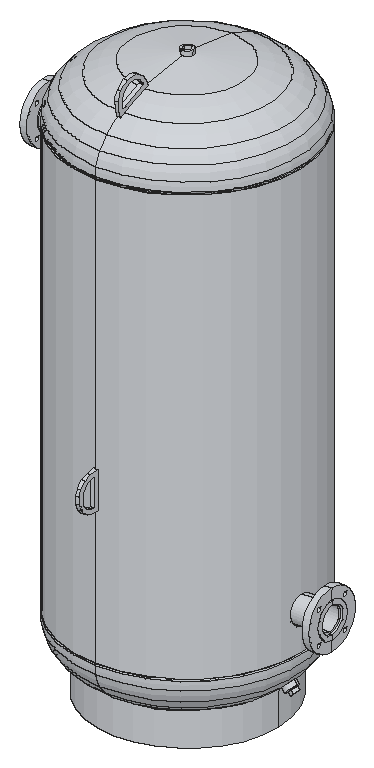
Revit family "HBT-210-3", category Generic Models, Revit 2014
Parameters (values of type "HBT-210-3")
  URL = "http://westank.com/"
  Tank Volume = 210 gal
  Model = "HBT-210-3"
  Maximum Shipping Weight = 458 lbf
  Flange Connector Diameter = 3"
  F = 24"
  E = 15"
  Description = "Wessels ASME 2-Port Hot Water Buffer Tanks (HBT) are designed for use with today’s high efficiency systems that incorporate small modular low-mass boiler."
  D = 13 1/2"
  C = 38"
  B = 75"
  A = 30"
Reference planes (in)
  plane 1 "Center (Front/Back)": y = 0
  plane 2: z = 0
  plane 3 "Center (Left/Right)": x = 0
  plane 4: through (12.55282, -180, 5.24135) normal (0.8192, 0, -0.5736)
  plane 5: x = -15
  plane 6: x = 15
  plane 7: z = 0
  plane 8: y = 15
  plane 9: y = -15
  plane 10: x = -12
  plane 11: x = 12
  plane 12: z = 75
  plane 13: x = -19
  plane 14: x = 19
  plane 15: z = 15
  plane 16: z = 61.5
Forms (in)
  Revolve 1, solid
    sketch origin (0, -0.02461, 0) x (0, 1, 0) y (0, 0, 1)
      loop
        line (-14.97539, 9.87397) -> (-14.812, 9.87397)
        arc (-14.812, 9.87397) -> (-14.83596, 9.78454) -> (-14.90143, 9.71907) r 0.17887
        arc (-14.90143, 9.71907) -> (-14.94991, 9.64836) -> (-14.97579, 9.56662) r 0.29232
        arc (-14.97579, 9.56662) -> (-14.96586, 8.98455) -> (-14.89468, 8.40676) r 5.51955
        arc (-14.89468, 8.40676) -> (-14.65184, 7.56116) -> (-14.23912, 6.78419) r 4.22443
        arc (-14.23912, 6.78419) -> (-13.71208, 6.0842) -> (-13.11424, 5.44361) r 8.30764
        arc (-13.11424, 5.44361) -> (-11.99363, 4.5369) -> (-10.73315, 3.83755) r 8.30764
        arc (-10.73315, 3.83755) -> (-9.02248, 3.06195) -> (-7.23223, 2.49367) r 15.88746
        arc (-7.23223, 2.49367) -> (-3.63165, 1.79117) -> (0.02461, 1.49214) r 33.04234
        line (0.02461, 1.49214) -> (0.02461, 1.66407)
        arc (0.02461, 1.66407) -> (-3.61037, 1.96174) -> (-7.19, 2.66027) r 32.87047
        arc (-7.19, 2.66027) -> (-8.96351, 3.22342) -> (-10.65802, 3.99223) r 15.71558
        arc (-10.65802, 3.99223) -> (-11.8952, 4.67783) -> (-12.99495, 5.56734) r 8.13577
        arc (-12.99495, 5.56734) -> (-13.58042, 6.19468) -> (-14.09655, 6.88019) r 8.13577
        arc (-14.09655, 6.88019) -> (-14.49248, 7.62554) -> (-14.72544, 8.43674) r 4.05256
        arc (-14.72544, 8.43674) -> (-14.79395, 8.9901) -> (-14.80447, 9.54759) r 5.34767
        arc (-14.80447, 9.54759) -> (-14.7971, 9.56945) -> (-14.78569, 9.5895) r 0.12044
        arc (-14.78569, 9.5895) -> (-14.67439, 9.72277) -> (-14.64064, 9.89308) r 0.35074
        line (-14.64064, 9.89308) -> (-14.84715, 9.89308) -> (-14.84715, 66.61189) -> (-14.64151, 66.61189)
        arc (-14.64151, 66.61189) -> (-14.67184, 66.78882) -> (-14.78573, 66.92758) r 0.35074
        arc (-14.78573, 66.92758) -> (-14.79712, 66.94763) -> (-14.80449, 66.96948) r 0.12045
        arc (-14.80449, 66.96948) -> (-14.79397, 67.52697) -> (-14.72546, 68.08033) r 5.34768
        arc (-14.72546, 68.08033) -> (-14.4925, 68.89153) -> (-14.09657, 69.63689) r 4.05257
        arc (-14.09657, 69.63689) -> (-13.58043, 70.3224) -> (-12.99497, 70.94973) r 8.13578
        arc (-12.99497, 70.94973) -> (-11.89524, 71.83924) -> (-10.65807, 72.52483) r 8.13578
        arc (-10.65807, 72.52483) -> (-8.96355, 73.29364) -> (-7.19005, 73.85678) r 15.71558
        arc (-7.19005, 73.85678) -> (-3.61055, 74.55529) -> (0.02429, 74.85297) r 32.87045
        line (0.02429, 74.85297) -> (0.02429, 75.02671)
        arc (0.02429, 75.02671) -> (-3.63245, 74.72766) -> (-7.2335, 74.02507) r 33.04334
        arc (-7.2335, 74.02507) -> (-9.02402, 73.45667) -> (-10.73493, 72.68092) r 15.88853
        arc (-10.73493, 72.68092) -> (-11.99625, 71.98117) -> (-13.11754, 71.07383) r 8.30893
        arc (-13.11754, 71.07383) -> (-13.7162, 70.43239) -> (-14.24389, 69.7314) r 8.30923
        arc (-14.24389, 69.7314) -> (-14.65697, 68.95395) -> (-14.90005, 68.1078) r 4.22701
        arc (-14.90005, 68.1078) -> (-14.97148, 67.52727) -> (-14.98111, 66.94244) r 5.52257
        arc (-14.98111, 66.94244) -> (-14.95423, 66.85606) -> (-14.90267, 66.78173) r 0.29803
        arc (-14.90267, 66.78173) -> (-14.837, 66.7147) -> (-14.81302, 66.62397) r 0.18362
        line (-14.81302, 66.62397) -> (-14.97539, 66.62397) -> (-14.97539, 9.87397)
      axis (0.02461, 1.49214) -> (0.02461, 75.02671)
    angle from 0 to 360
  Revolve 2, solid
    sketch origin (0.00085, 0, 46.99877) x (-1, 0, 0) y (0, 0, 1)
      loop
        line (17.81367, 12.75376) -> (17.81367, 12.37446) -> (18.06367, 12.37446) -> (18.06367, 10.7502) -> (18.9375, 10.7502) -> (18.9375, 12.18553) -> (19, 12.18553) -> (19, 12.75376) -> (17.81367, 12.75376)
      axis (19, 14.50013) -> (17.81367, 14.50013)
    angle from 0 to 360
  Revolve 3, solid
    sketch origin (-1.82085, 0, 2.88409) x (0.981353, 0, -0.192215) y (0.192215, 0, 0.981353)
      loop
        line (14.71753, 6.11956) -> (14.66586, 6.1556) -> (14.25436, 5.56561) -> (14.86992, 5.13627) -> (15.24588, 5.6753) -> (15.19462, 5.71106) -> (15.31904, 5.88945) -> (14.80641, 6.24699) -> (14.71753, 6.11956)
      axis (14.25436, 5.56561) -> (14.86992, 5.13627)
    angle from 0 to 360
  Extrusion 4, solid
    sketch origin (13.38203, -180, 6.13049) x (0.718765, 0, 0.695254) y (0, -1, 0)
      loop
        line (-0.16036, -179.52645) -> (-0.95521, -179.68698) -> (-0.79485, -180.48095) -> (0, -180.32042) -> (-0.16036, -179.52645)
    from 1.02698 to 1.52678
  Extrusion 5, solid
    sketch origin (0, -3.06035, 6.47257) x (0, 1, 0) y (0, 0, 1)
      loop
        line (-11.93439, 21.33067) -> (-11.93439, 26.202)
        arc (-11.93439, 26.202) -> (-12.47846, 26.15164) -> (-13.01533, 26.05008) r 5.77422
        arc (-13.01533, 26.05008) -> (-13.49297, 25.89754) -> (-13.94252, 25.67548) r 3.35288
        arc (-13.94252, 25.67548) -> (-14.34081, 25.36666) -> (-14.64962, 24.96837) r 2.0073
        arc (-14.64962, 24.96837) -> (-14.80343, 24.58932) -> (-14.88788, 24.18906) r 2.30742
        arc (-14.88788, 24.18906) -> (-14.91277, 23.77188) -> (-14.88788, 23.3547) r 3.50846
        arc (-14.88788, 23.3547) -> (-14.79412, 22.92876) -> (-14.61961, 22.52904) r 2.24053
        arc (-14.61961, 22.52904) -> (-14.27401, 22.08806) -> (-13.80999, 21.77406) r 1.8078
        arc (-13.80999, 21.77406) -> (-13.34321, 21.55591) -> (-12.84107, 21.44044) r 2.44481
        arc (-12.84107, 21.44044) -> (-12.39043, 21.36326) -> (-11.93439, 21.33067) r 4.65484
      loop
        arc (-12.44611, 25.63929) -> (-12.67227, 25.60073) -> (-12.89654, 25.55235) r 5.2625
        arc (-12.89654, 25.55235) -> (-13.30128, 25.42308) -> (-13.68221, 25.23491) r 2.84116
        arc (-13.68221, 25.23491) -> (-13.97364, 25.01013) -> (-14.20134, 24.72098) r 1.49558
        arc (-14.20134, 24.72098) -> (-14.3163, 24.43235) -> (-14.37979, 24.12821) r 1.7957
        arc (-14.37979, 24.12821) -> (-14.40106, 23.77188) -> (-14.37979, 23.41555) r 2.99674
        arc (-14.37979, 23.41555) -> (-14.30745, 23.08689) -> (-14.17279, 22.77846) r 1.72881
        arc (-14.17279, 22.77846) -> (-13.91552, 22.45353) -> (-13.56884, 22.22643) r 1.29608
        arc (-13.56884, 22.22643) -> (-13.1779, 22.0402) -> (-12.75531, 21.94566) r 1.9331
        arc (-12.75531, 21.94566) -> (-12.60126, 21.91347) -> (-12.44611, 21.88716) r 4.14312
        line (-12.44611, 21.88716) -> (-12.44611, 25.63929)
    from -0.24366 to 0.25634
  Extrusion 6, solid
    sketch origin (0, -26.96034, 53.89612) x (0, 0.366501, -0.930418) y (0, 0.930418, 0.366501)
      loop
        arc (-12.0461, 25.71684) -> (-12.27227, 25.67827) -> (-12.49653, 25.62989) r 5.2625
        arc (-12.49653, 25.62989) -> (-12.90127, 25.50063) -> (-13.28221, 25.31246) r 2.84116
        arc (-13.28221, 25.31246) -> (-13.57363, 25.08767) -> (-13.80134, 24.79853) r 1.49558
        arc (-13.80134, 24.79853) -> (-13.9163, 24.50989) -> (-13.97979, 24.20576) r 1.7957
        arc (-13.97979, 24.20576) -> (-14.00105, 23.84943) -> (-13.97979, 23.4931) r 2.99674
        arc (-13.97979, 23.4931) -> (-13.90744, 23.16443) -> (-13.77279, 22.85601) r 1.72881
        arc (-13.77279, 22.85601) -> (-13.51552, 22.53108) -> (-13.16884, 22.30397) r 1.29608
        arc (-13.16884, 22.30397) -> (-12.77789, 22.11774) -> (-12.35531, 22.02321) r 1.9331
        arc (-12.35531, 22.02321) -> (-12.20126, 21.99102) -> (-12.0461, 21.9647) r 4.14312
        line (-12.0461, 21.9647) -> (-12.0461, 25.71684)
      loop
        line (-11.37993, 21.3894) -> (-11.37993, 26.23636)
        arc (-11.37993, 26.23636) -> (-12.28052, 26.20728) -> (-13.14349, 25.94808) r 3.48194
        arc (-13.14349, 25.94808) -> (-13.66357, 25.64991) -> (-14.11481, 25.25524) r 3.03185
        arc (-14.11481, 25.25524) -> (-14.39878, 24.60234) -> (-14.51622, 23.90011) r 2.91879
        arc (-14.51622, 23.90011) -> (-14.4511, 23.22451) -> (-14.20241, 22.59298) r 2.44012
        arc (-14.20241, 22.59298) -> (-13.8323, 22.13222) -> (-13.33474, 21.8133) r 1.83162
        arc (-13.33474, 21.8133) -> (-12.378, 21.50604) -> (-11.37993, 21.3894) r 5.1769
    from -0.24366 to 0.25634
  Extrusion 7, solid
    sketch origin (0, 0, 3) x (1, 0, 0) y (0, 1, 0)
      loop
        circle (0, 0) r 0.75
      loop
        circle (0, 0) r 0.5
    from 71.36613 to 72.49354
  Extrusion 8, void
    sketch origin (0.00085, 0.13917, 47.41628) x (0, 1, 0) y (0, 0, -1)
      loop
        circle (1.95902, -16.21103) r 0.37532
      loop
        circle (2.0068, -11.95417) r 0.37532
      loop
        circle (-2.26242, -16.18597) r 0.37532
      loop
        circle (-2.23501, -11.97923) r 0.37532
    from 15.80097 to 20.25
  Extrusion 9, void
    sketch origin (0, 0, 0) x (1, 0, 0) y (0, 1, 0)
      loop
        circle (0, 0) r 0.5
    from 73.75623 to 76.19224
  Revolve 10, solid
    sketch origin (0, 0, 0) x (1, 0, 0) y (0, 0, 1)
      loop
        line (11.87609, 4.44941) -> (11.87609, 0) -> (12, 0) -> (12, 4.44941) -> (11.87609, 4.44941)
      axis (0, 4.44941) -> (0, 0)
    angle from 0 to 360
  Revolve 11, solid
    sketch origin (0.00085, 0, 46.99877) x (1, 0, 0) y (0, 0, 1)
      loop
        line (-14.37585, 12.96677) -> (-18.625, 12.96677) -> (-18.625, 12.74998) -> (-14.37585, 12.74998) -> (-14.37585, 12.96677)
      axis (-18.625, 14.50013) -> (-14.37585, 14.50013)
    angle from 0 to 360
  Extrusion 12, void
    sketch origin (0, 0, 0.25) x (0, 1, 0) y (0, 0, 1)
      loop
        circle (0, 14.25) r 1.53336
    from 10.01641 to 18.76515
  Revolve 13, solid
    sketch origin (0, 0, 0.49987) x (1, 0, 0) y (0, 0, 1)
      loop
        line (17.81367, 12.75376) -> (17.81367, 12.37446) -> (18.06367, 12.37446) -> (18.06367, 10.7502) -> (18.9375, 10.7502) -> (18.9375, 12.18553) -> (19, 12.18553) -> (19, 12.75376) -> (17.81367, 12.75376)
      axis (19, 14.50013) -> (17.81367, 14.50013)
    angle from 0 to 360
  Revolve 14, solid
    sketch origin (0, 0, 0.49987) x (-1, 0, 0) y (0, 0, 1)
      loop
        line (-14.37585, 12.96677) -> (-18.625, 12.96677) -> (-18.625, 12.74998) -> (-14.37585, 12.74998) -> (-14.37585, 12.96677)
      axis (-18.625, 14.50013) -> (-14.37585, 14.50013)
    angle from 0 to 360
  Extrusion 15, void
    sketch origin (0, 0, 0) x (0, 1, 0) y (0, 0, 1)
      loop
        circle (2.1264, 17.13304) r 0.37541
      loop
        circle (-2.14004, 17.13188) r 0.37062
      loop
        circle (-2.1373, 12.88615) r 0.35809
      loop
        circle (2.11492, 12.89404) r 0.36553
    from 14.37585 to 21.46755
Cuts and joins
  joined: Extrusion 4, Extrusion 5, Extrusion 6, Extrusion 7, Revolve 10
  Extrusion 9, Extrusion 12 cuts Revolve 1
  Extrusion 8 cuts Revolve 2
  Extrusion 15 cuts Revolve 13
Dimensions and locks (in)
  equal spacing: plane 6, plane 3 "Center (Left/Right)", plane 5
  equal spacing: plane 8, plane 1 "Center (Front/Back)", plane 9
  "A": plane 8 to plane 9
  equal spacing: plane 11, plane 3 "Center (Left/Right)", plane 10
  "A": plane 6 to plane 5
  "F": plane 11 to plane 10
  "C": plane 14 to plane 13
  equal spacing: plane 14, plane 3 "Center (Left/Right)", plane 13
  "E": plane 15 to plane 7
  "D": plane 12 to plane 16
  "B": plane 12 to plane 7
  aligned and locked: plane 2 to level
  aligned and locked: Revolve 10 sketch curve to plane 3 "Center (Left/Right)"
Automatic sketch dimensions
  Revolve 1 sketch curve to Revolve 1 sketch curve = 0"  (x39)
  Revolve 1 sketch curve to plane 9 = 0"
  Revolve 1 sketch curve to plane 1 "Center (Front/Back)" = 0"  (x2)
  Revolve 1 sketch curve to Revolve 1 sketch curve = 0.01547"
  plane 9 to Revolve 1 sketch curve = 0.01547"
  Revolve 1 sketch curve to Revolve 1 sketch curve = 0.00578"
  Revolve 1 sketch curve to plane 9 = 0.12824"
  Revolve 1 sketch curve to Revolve 1 sketch curve = 0.03413"
  Revolve 1 sketch curve to Revolve 1 sketch curve = 9/256"
  Revolve 1 sketch curve to plane 9 = 0.28821"
  Revolve 1 sketch curve to plane 9 = 0.28822"
  Revolve 1 sketch curve to Revolve 1 sketch curve = 0.00078"
  Revolve 1 sketch curve to Revolve 1 sketch curve = 0.17151"
  Revolve 1 sketch curve to Revolve 1 sketch curve = 0.17135"
  Revolve 1 sketch curve to Revolve 1 sketch curve = 3.94929"
  Revolve 1 sketch curve to Revolve 1 sketch curve = 0.00287"
  Revolve 1 sketch curve to Revolve 1 sketch curve = 3.95216"
  Revolve 1 sketch curve to Revolve 1 sketch curve = 1.2728"
  Revolve 1 sketch curve to Revolve 1 sketch curve = 0.00246"
  Revolve 1 sketch curve to Revolve 1 sketch curve = 1.27526"
  Revolve 1 sketch curve to Revolve 1 sketch curve = 2.11145"
  Revolve 1 sketch curve to Revolve 1 sketch curve = 0.00084"
  Revolve 1 sketch curve to Revolve 1 sketch curve = 0.00187"
  Revolve 1 sketch curve to Revolve 1 sketch curve = 2.11171"
  plane 1 "Center (Front/Back)" to Revolve 1 sketch curve = 3.35442"
  Revolve 1 sketch curve to Revolve 1 sketch curve = 0.00082"
  plane 1 "Center (Front/Back)" to Revolve 1 sketch curve = 3.35353"
  plane 1 "Center (Front/Back)" to Revolve 1 sketch curve = 0.00031"
  Revolve 1 sketch curve to plane 1 "Center (Front/Back)" = 0.86039"
  Revolve 1 sketch curve to Revolve 1 sketch curve = 0.00067"
  Revolve 1 sketch curve to plane 1 "Center (Front/Back)" = 0.86116"
  level to Revolve 1 sketch curve = 1.49214"
  Revolve 1 sketch curve to Revolve 1 sketch curve = 0.17193"
  Revolve 1 sketch curve to Revolve 1 sketch curve = 0.22592"
  Revolve 1 sketch curve to Revolve 1 sketch curve = 0.37656"
  Revolve 1 sketch curve to Revolve 1 sketch curve = 0.35376"
  Revolve 1 sketch curve to Revolve 1 sketch curve = 0.01911"  (x2)
  Revolve 1 sketch curve to Revolve 1 sketch curve = 2 7/128"
  Revolve 1 sketch curve to Revolve 1 sketch curve = 16.62909"
  Revolve 1 sketch curve to Revolve 1 sketch curve = 7.47055"
  Revolve 1 sketch curve to Revolve 1 sketch curve = 0.00077"
  Revolve 1 sketch curve to Revolve 1 sketch curve = 0.00068"
  Revolve 1 sketch curve to Revolve 1 sketch curve = 6.46799"
  Revolve 1 sketch curve to Revolve 1 sketch curve = 0.00123"
  Revolve 1 sketch curve to Revolve 1 sketch curve = 0.00005"
  Revolve 1 sketch curve to Revolve 1 sketch curve = 1.52034"
  Revolve 1 sketch curve to Revolve 1 sketch curve = 0.01209"
  Revolve 1 sketch curve to Revolve 1 sketch curve = 0.3749"
  Revolve 1 sketch curve to Revolve 1 sketch curve = 0.01007"
  Revolve 1 sketch curve to Revolve 1 sketch curve = 2.05124"
  Revolve 1 sketch curve to Revolve 1 sketch curve = 0.00348"
  Revolve 1 sketch curve to Revolve 1 sketch curve = 0.2261"
  Revolve 1 sketch curve to Revolve 1 sketch curve = 0.0033"
  plane 9 to Revolve 1 sketch curve = 0.0004"
  plane 9 to Revolve 1 sketch curve = 0.00572"
  Revolve 1 sketch curve to plane 9 = 0.07272"
  Revolve 1 sketch curve to plane 9 = 0.07396"
  Revolve 1 sketch curve to Revolve 1 sketch curve = 0.11808"
  Revolve 1 sketch curve to Revolve 1 sketch curve = 0.11729"
  Revolve 1 sketch curve to Revolve 1 sketch curve = 0.01876"
  Revolve 1 sketch curve to Revolve 1 sketch curve = 0.01878"
  Revolve 1 sketch curve to Revolve 1 sketch curve = 0.14732"
  Revolve 1 sketch curve to Revolve 1 sketch curve = 0.97903"
  Revolve 1 sketch curve to Revolve 1 sketch curve = 0.98231"
  Revolve 1 sketch curve to Revolve 1 sketch curve = 0.12257"
  Revolve 1 sketch curve to Revolve 1 sketch curve = 0.1193"
  Revolve 1 sketch curve to Revolve 1 sketch curve = 2.26179"
  Revolve 1 sketch curve to Revolve 1 sketch curve = 0.07686"
  Revolve 1 sketch curve to Revolve 1 sketch curve = 0.07513"
  Revolve 1 sketch curve to Revolve 1 sketch curve = 5.63017"
  Revolve 1 sketch curve to Revolve 1 sketch curve = 1.88017"
  plane 5 to Revolve 2 sketch curve = 2.81282"
  Revolve 2 sketch curve to Revolve 2 sketch curve = 1/4"
  Revolve 2 sketch curve to Revolve 2 sketch curve = 0.87383"
  Revolve 2 sketch curve to Revolve 2 sketch curve = 1/16"
  Revolve 2 sketch curve to Revolve 2 sketch curve = 0.3793"
  Revolve 2 sketch curve to Revolve 2 sketch curve = 0.56823"
  Revolve 2 sketch curve to Revolve 2 sketch curve = 1.62426"
  Revolve 2 sketch curve to plane 5 = 0.67006"
  Revolve 2 sketch curve to Revolve 2 sketch curve = 0.68278"
  plane 4 to Revolve 3 sketch curve = 0.35169"
  plane 11 to Revolve 3 sketch curve = 1.2375"
  Revolve 3 sketch curve to Revolve 3 sketch curve = 0.4115"
  Revolve 3 sketch curve to Revolve 3 sketch curve = 0.05167"
  Revolve 3 sketch curve to Revolve 3 sketch curve = 0.08888"
  Revolve 3 sketch curve to Revolve 3 sketch curve = 0.61556"
  Revolve 3 sketch curve to Revolve 3 sketch curve = 0.47709"
  Revolve 3 sketch curve to Revolve 3 sketch curve = 0.05126"
  Revolve 3 sketch curve to Revolve 3 sketch curve = 0.42934"
  Revolve 3 sketch curve to Revolve 3 sketch curve = 0.12768"
  Revolve 3 sketch curve to Revolve 3 sketch curve = 0"  (x2)
  Revolve 3 sketch curve to Revolve 3 sketch curve = 0.08905"
  plane 1 "Center (Front/Back)" to Extrusion 4 sketch curve = 0.31302"
  Extrusion 4 sketch curve to plane 1 "Center (Front/Back)" = 0.48095"
  Extrusion 4 sketch curve to Extrusion 4 sketch curve = 0.16036"  (x2)
  plane 1 "Center (Front/Back)" to Extrusion 4 sketch curve = 0.47355"
  Extrusion 4 sketch curve to Extrusion 4 sketch curve = 0.79485"
  Extrusion 4 sketch curve to plane 1 "Center (Front/Back)" = 0.32042"
  Extrusion 5 sketch curve to Extrusion 5 sketch curve = 0"  (x33)
  plane 9 to Extrusion 5 sketch curve = 1.10144"
  Extrusion 5 sketch curve to Extrusion 5 sketch curve = 0.11966"
  Extrusion 5 sketch curve to Extrusion 5 sketch curve = 0.25819"
  Extrusion 5 sketch curve to Extrusion 5 sketch curve = 17/256"
  Extrusion 5 sketch curve to Extrusion 5 sketch curve = 0.04958"
  plane 9 to Extrusion 5 sketch curve = 0.50646"
  plane 9 to Extrusion 5 sketch curve = 0.29731"
  Extrusion 5 sketch curve to plane 9 = 0.00526"
  Extrusion 5 sketch curve to plane 9 = 0.10864"
  Extrusion 5 sketch curve to plane 9 = 0.26481"
  Extrusion 5 sketch curve to plane 9 = 0.53533"
  Extrusion 5 sketch curve to Extrusion 5 sketch curve = 0.89706"
  Extrusion 5 sketch curve to Extrusion 5 sketch curve = 0.55648"
  Extrusion 5 sketch curve to Extrusion 5 sketch curve = 0.90165"
  Extrusion 5 sketch curve to Extrusion 5 sketch curve = 0.62139"
  Extrusion 5 sketch curve to Extrusion 5 sketch curve = 27/128"
  Extrusion 5 sketch curve to Extrusion 5 sketch curve = 0.15076"
  Extrusion 5 sketch curve to Extrusion 5 sketch curve = 0.24641"
  Extrusion 5 sketch curve to Extrusion 5 sketch curve = 0.04716"
  Extrusion 5 sketch curve to Extrusion 5 sketch curve = 0.0326"
  Extrusion 5 sketch curve to Extrusion 5 sketch curve = 1.7246"
  Extrusion 5 sketch curve to Extrusion 5 sketch curve = 0.34507"
  Extrusion 5 sketch curve to Extrusion 5 sketch curve = 0.21764"
  Extrusion 5 sketch curve to Extrusion 5 sketch curve = 1.12273"
  Extrusion 5 sketch curve to Extrusion 5 sketch curve = 0.78568"
  Extrusion 5 sketch curve to Extrusion 5 sketch curve = 0.24115"
  Extrusion 5 sketch curve to Extrusion 5 sketch curve = 0.2603"
  Extrusion 5 sketch curve to Extrusion 5 sketch curve = 0.60395"
  Extrusion 5 sketch curve to Extrusion 5 sketch curve = 0.51913"
  Extrusion 5 sketch curve to Extrusion 5 sketch curve = 0.44682"
  Extrusion 5 sketch curve to Extrusion 5 sketch curve = 0.44829"
  Extrusion 7 sketch curve to Extrusion 7 sketch curve = 0"  (x2)
  plane 1 "Center (Front/Back)" to Extrusion 7 sketch curve = 0"
  Extrusion 7 sketch curve to plane 3 "Center (Left/Right)" = 0"
  plane 1 "Center (Front/Back)" to Extrusion 8 sketch curve = 2.12326"
  plane 1 "Center (Front/Back)" to Extrusion 8 sketch curve = 2.09584"
  Extrusion 8 sketch curve to plane 1 "Center (Front/Back)" = 2.09819"
  Extrusion 8 sketch curve to plane 1 "Center (Front/Back)" = 2.14597"
  Extrusion 9 sketch curve to Extrusion 9 sketch curve = 0"  (x2)
  plane 1 "Center (Front/Back)" to Extrusion 9 sketch curve = 0"
  Extrusion 9 sketch curve to plane 3 "Center (Left/Right)" = 0"
  Extrusion 9 sketch curve to plane 3 "Center (Left/Right)" = 1/2"
  Revolve 10 sketch curve to level = 0"
  Revolve 10 sketch curve to plane 11 = 0"
  Revolve 10 sketch curve to plane 11 = 0.12391"
  level to Revolve 10 sketch curve = 4.44941"
  level to Revolve 10 sketch curve = 4.69941"
  Revolve 10 sketch curve to Revolve 10 sketch curve = 1"
  Revolve 11 sketch curve to plane 5 = 3.62415"
  plane 5 to Revolve 11 sketch curve = 5/8"
  Revolve 11 sketch curve to Revolve 11 sketch curve = 0.2168"
  plane 5 to Revolve 11 sketch curve = 0.5157"
  Revolve 11 sketch curve to Revolve 11 sketch curve = 0.36015"
  plane 6 to Revolve 13 sketch curve = 2.81367"
  Revolve 13 sketch curve to Revolve 13 sketch curve = 1/4"
  Revolve 13 sketch curve to Revolve 13 sketch curve = 0.87383"
  Revolve 13 sketch curve to Revolve 13 sketch curve = 1/16"
  Revolve 13 sketch curve to Revolve 13 sketch curve = 0.3793"
  Revolve 13 sketch curve to Revolve 13 sketch curve = 0.56823"
  Revolve 13 sketch curve to Revolve 13 sketch curve = 1.62426"
  Revolve 13 sketch curve to plane 6 = 0.66921"
  Revolve 13 sketch curve to Revolve 13 sketch curve = 0.68278"
  Revolve 14 sketch curve to plane 6 = 3 5/8"
  plane 6 to Revolve 14 sketch curve = 0.62415"
  Revolve 14 sketch curve to Revolve 14 sketch curve = 0.2168"
  plane 6 to Revolve 14 sketch curve = 0.51485"
  Revolve 14 sketch curve to Revolve 14 sketch curve = 0.36015"
  Extrusion 12 sketch curve to plane 1 "Center (Front/Back)" = 0"
  Extrusion 12 sketch curve to Extrusion 12 sketch curve = 1.53336"
  Revolve 1 sketch curve to Revolve 1 sketch curve = 16.6283"
  Revolve 1 sketch curve to plane 12 = 0.14703"
  Revolve 1 sketch curve to Revolve 1 sketch curve = 0.17374"
  Revolve 1 sketch curve to Revolve 1 sketch curve = 2.26004"
  level to Revolve 1 sketch curve = 9.14366"
  Revolve 1 sketch curve to Revolve 1 sketch curve = 6.46992"
  plane 12 to Revolve 2 sketch curve = 17.25103"
  Revolve 2 sketch curve to Revolve 2 sketch curve = 1.74637"
  level to Extrusion 5 sketch curve = 26.90619"
  Extrusion 8 sketch curve to plane 12 = 11.37269"
  Extrusion 8 sketch curve to Extrusion 8 sketch curve = 0.02506"  (x2)
  Extrusion 8 sketch curve to Extrusion 8 sketch curve = 4.20674"
  Revolve 11 sketch curve to plane 12 = 15.25125"
  Revolve 11 sketch curve to Revolve 11 sketch curve = 1.53336"
  Extrusion 12 sketch curve to Extrusion 12 sketch curve = 0"
  level to Extrusion 12 sketch curve = 14 1/2"
  level to Revolve 13 sketch curve = 11.25007"
  Revolve 13 sketch curve to Revolve 13 sketch curve = 1.74637"
  Revolve 14 sketch curve to level = 13.24984"
  Revolve 14 sketch curve to Revolve 14 sketch curve = 1.53336"
  plane 1 "Center (Front/Back)" to Extrusion 15 sketch curve = 2.14004"
  plane 1 "Center (Front/Back)" to Extrusion 15 sketch curve = 2.1373"
  Extrusion 15 sketch curve to plane 1 "Center (Front/Back)" = 2.11492"
  Extrusion 15 sketch curve to plane 1 "Center (Front/Back)" = 2.1264"
  Extrusion 15 sketch curve to plane 15 = 2.11385"
  Extrusion 15 sketch curve to plane 15 = 2.10596"
  plane 15 to Extrusion 15 sketch curve = 2.13188"
  plane 15 to Extrusion 15 sketch curve = 2.13304"
  Extrusion 6 sketch curve to plane 12 = 0.73411"
  Extrusion 6 sketch curve to plane 9 = 5.26009"
  Extrusion 6 sketch curve to Extrusion 6 sketch curve = 0.03301"
  Extrusion 6 sketch curve to Extrusion 6 sketch curve = 0.08665"
  Extrusion 6 sketch curve to Extrusion 6 sketch curve = 0.34483"
  Extrusion 6 sketch curve to Extrusion 6 sketch curve = 17/256"
  Extrusion 6 sketch curve to Extrusion 6 sketch curve = 0.04958"
  Extrusion 6 sketch curve to Extrusion 6 sketch curve = 0.06885"
  Extrusion 6 sketch curve to Extrusion 6 sketch curve = 0.15073"
  Extrusion 6 sketch curve to Extrusion 6 sketch curve = 0.36028"
  Extrusion 6 sketch curve to Extrusion 6 sketch curve = 0.06601"
  Extrusion 6 sketch curve to Extrusion 6 sketch curve = 0.11815"
  Extrusion 6 sketch curve to Extrusion 6 sketch curve = 0.47821"
  Extrusion 6 sketch curve to Extrusion 6 sketch curve = 0.6151"
  Extrusion 6 sketch curve to Extrusion 6 sketch curve = 0.05108"
  Extrusion 6 sketch curve to Extrusion 6 sketch curve = 0.09903"
  Extrusion 6 sketch curve to Extrusion 6 sketch curve = 0.10509"
  Extrusion 6 sketch curve to Extrusion 6 sketch curve = 0.59588"
  Extrusion 6 sketch curve to Extrusion 6 sketch curve = 0.3061"
  Extrusion 6 sketch curve to Extrusion 6 sketch curve = 0.31529"
  Extrusion 6 sketch curve to Extrusion 6 sketch curve = 0.0954"
  Extrusion 6 sketch curve to Extrusion 6 sketch curve = 0.80625"
  Extrusion 6 sketch curve to Extrusion 6 sketch curve = 0.5753"
  Extrusion 6 sketch curve to Extrusion 6 sketch curve = 0.87824"
  Extrusion 6 sketch curve to Extrusion 6 sketch curve = 0.00686"
  Extrusion 6 sketch curve to Extrusion 6 sketch curve = 0.20406"
  Extrusion 6 sketch curve to Extrusion 6 sketch curve = 0.59172"
  Extrusion 6 sketch curve to Extrusion 6 sketch curve = 0.09548"
  Extrusion 6 sketch curve to Extrusion 6 sketch curve = 0.07607"
  Extrusion 6 sketch curve to Extrusion 6 sketch curve = 0.15093"
  Extrusion 6 sketch curve to Extrusion 6 sketch curve = 0.04716"
  Extrusion 6 sketch curve to Extrusion 6 sketch curve = 0.0326"
  Extrusion 6 sketch curve to Extrusion 6 sketch curve = 1.7246"
  Extrusion 6 sketch curve to Extrusion 6 sketch curve = 0.34507"
  Extrusion 6 sketch curve to Extrusion 6 sketch curve = 0.17445"
  Extrusion 6 sketch curve to Extrusion 6 sketch curve = 0.329"
  Extrusion 6 sketch curve to Extrusion 6 sketch curve = 0"  (x6)
  Extrusion 6 sketch curve to Extrusion 6 sketch curve = 0.1659"
  Extrusion 6 sketch curve to Extrusion 6 sketch curve = 0.13872"
  Extrusion 6 sketch curve to Extrusion 6 sketch curve = 0.42962"
  Extrusion 6 sketch curve to Extrusion 6 sketch curve = 0.51913"
  Extrusion 6 sketch curve to Extrusion 6 sketch curve = 0.31348"
  radius of Extrusion 7 sketch curve = 3/4"
  radius of Extrusion 7 sketch curve = 1/2"
  radius of Extrusion 8 sketch curve = 0.37532"  (x4)
  radius of Extrusion 15 sketch curve = 0.37541"
  radius of Extrusion 15 sketch curve = 0.37062"
  radius of Extrusion 15 sketch curve = 0.35809"
  radius of Extrusion 15 sketch curve = 0.36553"
Connectors (in)
  piping at (-18.99915, 0, 61.4989), diameter 3, driven by "Flange Connector Diameter"
    settings: on Revolve 2, index 1, connector inside diameter 24", connector length 0", flow factor 0, pipe flow 0 GPM, pressure drop 0.00 psi, fitting loss kfactor 0, connector angle 0.00°, fixture units 0, engagement length 0", angle of deflection 0.00°, flow configuration 0, flow direction 0, fitting loss method 0, system type 7, joint type 0, gender type 0, connector reference index -1, connector utility 0, adjustable connector no, is connector primary yes, connector description ""
  piping at (19, 0, 15), diameter 3, driven by "Flange Connector Diameter"
    settings: on Revolve 13, index 2, connector inside diameter 24", connector length 0", flow factor 0, pipe flow 0 GPM, pressure drop 0.00 psi, fitting loss kfactor 0, connector angle 0.00°, fixture units 0, engagement length 0", angle of deflection 0.00°, flow configuration 0, flow direction 0, fitting loss method 0, system type 7, joint type 0, gender type 0, connector reference index -1, connector utility 0, adjustable connector no, is connector primary no, connector description ""
